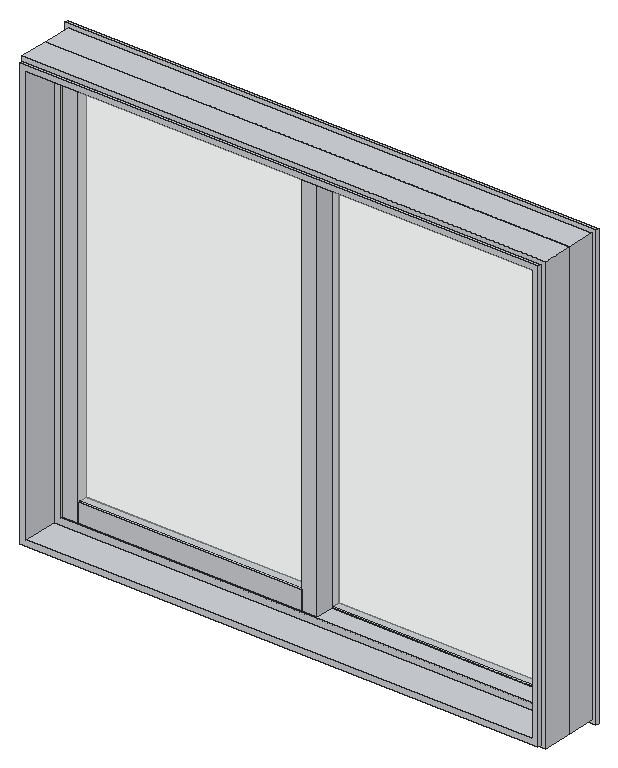
Revit family "APL Residential Thermal Heart Sliding Window SF", category Windows, host Wall, Revit 2017 (continued)
Definition of nested family "APL Residential Thermal Heart Sliding Window SF Horizontal Section"
  Definition of nested family "Glass"
    Lines and regions (mm)
      detail lines, in view "Ref. Level"
        curve 9: arc (24, -14.404, 0) -> (24.088, -14.594, 0) -> (24.289, -14.651, 0) r 0.25
        curve 10: arc (28.489, -13.997, 0) -> (28.647, -13.904, 0) -> (28.699, -13.728, 0) r 0.25
        curve 11: arc (27.5, -9.1, 0) -> (27.711, -8.984, 0) -> (27.727, -8.744, 0) r 0.25
        curve 12: arc (26.033, -5.114, 0) -> (25.642, -4.858, 0) -> (25.24, -5.095, 0) r 0.442
        curve 13: arc (24.864, -5.812, 0) -> (24.414, -6.357, 0) -> (24.052, -6.964, 0) r 4.62
        curve 14: arc (24.052, -6.964, 0) -> (24.013, -7.073, 0) -> (24, -7.187, 0) r 0.5
        curve 15: arc (24, -7.743, 0) -> (24.132, -7.931, 0) -> (24.353, -7.871, 0) r 0.2
        curve 16: arc (24.353, -7.871, 0) -> (24.514, -7.711, 0) -> (24.702, -7.581, 0) r 1.262
        curve 17: arc (24.702, -7.581, 0) -> (24.901, -7.583, 0) -> (25, -7.756, 0) r 0.2
        curve 18: arc (25, -8.353, 0) -> (24.962, -8.543, 0) -> (24.855, -8.705, 0) r 0.5
        curve 19: arc (24.855, -8.705, 0) -> (24.408, -9.237, 0) -> (24.051, -9.833, 0) r 4.3
        curve 20: arc (24.051, -9.833, 0) -> (24.013, -9.941, 0) -> (24, -10.054, 0) r 0.5
        curve 21: arc (24, -10.668, 0) -> (24.137, -10.858, 0) -> (24.361, -10.787, 0) r 0.2
        curve 22: arc (24.361, -10.787, 0) -> (24.512, -10.617, 0) -> (24.69, -10.476, 0) r 1.288
        curve 23: arc (24.69, -10.476, 0) -> (24.895, -10.467, 0) -> (25, -10.643, 0) r 0.2
        curve 24: line (24.92, -11.912, 0) -> (24.161, -12.614, 0)
        curve 25: line (24, -12.981, 0) -> (24, -14.404, 0)
        curve 26: line (24.289, -14.651, 0) -> (28.489, -13.997, 0)
        curve 27: line (28.699, -13.728, 0) -> (28.548, -12, 0)
        curve 28: line (28.548, -12, 0) -> (27, -12, 0)
        curve 29: line (27, -12, 0) -> (27, -9.1, 0)
        curve 30: line (27, -9.1, 0) -> (27.5, -9.1, 0)
        curve 31: line (27.727, -8.744, 0) -> (26.033, -5.114, 0)
        curve 32: line (25.24, -5.095, 0) -> (24.864, -5.812, 0)
        curve 33: line (24, -7.187, 0) -> (24, -7.743, 0)
        curve 34: line (25, -7.756, 0) -> (25, -8.353, 0)
        curve 35: line (24, -10.054, 0) -> (24, -10.668, 0)
        curve 36: line (25, -10.643, 0) -> (25, -11.728, 0)
        curve 87: arc (-0.25, -13, 0) -> (0, -12.75, 0) -> (-0.25, -12.5, 0) r 0.25
        curve 88: arc (-0.25, -9.45, 0) -> (0, -9.2, 0) -> (-0.25, -8.95, 0) r 0.25
        curve 89: arc (-0.25, -8.281, 0) -> (0, -8.031, 0) -> (-0.25, -7.781, 0) r 0.25
        curve 90: arc (-0.25, -7.113, 0) -> (0, -6.863, 0) -> (-0.25, -6.613, 0) r 0.25
        curve 91: line (-0.25, -5.444, 0) -> (-1, -5.444, 0)
        curve 92: line (-1, -5.444, 0) -> (-1, -9.45, 0)
        curve 93: line (-1, -9.45, 0) -> (-2.2, -9.45, 0)
        curve 94: line (-2.2, -9.45, 0) -> (-2.2, -8.7, 0)
        curve 95: line (-2.2, -8.7, 0) -> (-2.8, -8.7, 0)
        curve 96: line (-2.8, -8.7, 0) -> (-2.8, -11.8, 0)
        curve 97: line (-2.8, -11.8, 0) -> (-2.2, -11.8, 0)
        curve 98: line (-2.2, -11.8, 0) -> (-2.2, -11.05, 0)
        curve 99: line (-2.2, -11.05, 0) -> (-1, -11.05, 0)
        curve 100: line (-1, -11.05, 0) -> (-1, -13, 0)
        curve 101: line (-1, -13, 0) -> (-0.25, -13, 0)
        curve 102: line (-0.25, -12.5, 0) -> (-0.25, -9.45, 0)
        curve 103: line (-0.25, -8.95, 0) -> (-0.25, -8.281, 0)
        curve 104: line (-0.25, -7.781, 0) -> (-0.25, -7.113, 0)
        curve 105: line (-0.25, -6.613, 0) -> (-0.25, -5.944, 0)
        curve 106: arc (-0.25, -5.944, 0) -> (0, -5.694, 0) -> (-0.25, -5.444, 0) r 0.25
      detail lines, in view "Ref. Level", not visible
        curve 37: arc (-0.25, -4.9, 0) -> (0, -5.15, 0) -> (-0.25, -5.4, 0) r 0.25
        curve 38: arc (-0.25, -8.45, 0) -> (0, -8.7, 0) -> (-0.25, -8.95, 0) r 0.25
        curve 39: arc (-0.25, -9.619, 0) -> (0, -9.869, 0) -> (-0.25, -10.119, 0) r 0.25
        curve 40: arc (-0.25, -10.787, 0) -> (0, -11.037, 0) -> (-0.25, -11.287, 0) r 0.25
        curve 41: line (-0.25, -12.456, 0) -> (-1, -12.456, 0)
        curve 42: line (-1, -12.456, 0) -> (-1, -8.45, 0)
        curve 43: line (-1, -8.45, 0) -> (-2.2, -8.45, 0)
        curve 44: line (-2.2, -8.45, 0) -> (-2.2, -9.2, 0)
        curve 45: line (-2.2, -9.2, 0) -> (-2.8, -9.2, 0)
        curve 46: line (-2.8, -9.2, 0) -> (-2.8, -6.1, 0)
        curve 47: line (-2.8, -6.1, 0) -> (-2.2, -6.1, 0)
        curve 48: line (-2.2, -6.1, 0) -> (-2.2, -6.85, 0)
        curve 49: line (-2.2, -6.85, 0) -> (-1, -6.85, 0)
        curve 50: line (-1, -6.85, 0) -> (-1, -4.9, 0)
        curve 51: line (-1, -4.9, 0) -> (-0.25, -4.9, 0)
        curve 52: line (-0.25, -5.4, 0) -> (-0.25, -8.45, 0)
        curve 53: line (-0.25, -8.95, 0) -> (-0.25, -9.619, 0)
        curve 54: line (-0.25, -10.119, 0) -> (-0.25, -10.787, 0)
        curve 55: line (-0.25, -11.287, 0) -> (-0.25, -11.956, 0)
        curve 56: arc (-0.25, -11.956, 0) -> (0, -12.206, 0) -> (-0.25, -12.456, 0) r 0.25
        curve 57: arc (25, -10.728, 0) -> (24.979, -10.828, 0) -> (24.92, -10.912, 0) r 0.25
        curve 58: arc (24.161, -11.614, 0) -> (24.042, -11.78, 0) -> (24, -11.981, 0) r 0.5
        curve 59: arc (24, -13.404, 0) -> (24.088, -13.594, 0) -> (24.289, -13.651, 0) r 0.25
        curve 60: arc (28.489, -12.997, 0) -> (28.647, -12.904, 0) -> (28.699, -12.728, 0) r 0.25
        curve 61: arc (27.5, -8.1, 0) -> (27.711, -7.984, 0) -> (27.727, -7.744, 0) r 0.25
        curve 62: arc (26.033, -4.114, 0) -> (25.642, -3.858, 0) -> (25.24, -4.095, 0) r 0.442
        curve 63: arc (24.864, -4.812, 0) -> (24.414, -5.357, 0) -> (24.052, -5.964, 0) r 4.62
        curve 64: arc (24.052, -5.964, 0) -> (24.013, -6.073, 0) -> (24, -6.187, 0) r 0.5
        curve 65: arc (24, -6.743, 0) -> (24.132, -6.931, 0) -> (24.353, -6.871, 0) r 0.2
        curve 66: arc (24.353, -6.871, 0) -> (24.514, -6.711, 0) -> (24.702, -6.581, 0) r 1.262
        curve 67: arc (24.702, -6.581, 0) -> (24.901, -6.583, 0) -> (25, -6.756, 0) r 0.2
        curve 68: arc (25, -7.353, 0) -> (24.962, -7.543, 0) -> (24.855, -7.705, 0) r 0.5
        curve 69: arc (24.855, -7.705, 0) -> (24.408, -8.237, 0) -> (24.051, -8.833, 0) r 4.3
        curve 70: arc (24.051, -8.833, 0) -> (24.013, -8.941, 0) -> (24, -9.054, 0) r 0.5
        curve 71: arc (24, -9.668, 0) -> (24.137, -9.858, 0) -> (24.361, -9.787, 0) r 0.2
        curve 72: arc (24.361, -9.787, 0) -> (24.512, -9.617, 0) -> (24.69, -9.476, 0) r 1.288
        curve 73: arc (24.69, -9.476, 0) -> (24.895, -9.467, 0) -> (25, -9.643, 0) r 0.2
        curve 74: line (24.92, -10.912, 0) -> (24.161, -11.614, 0)
        curve 75: line (24, -11.981, 0) -> (24, -13.404, 0)
        curve 76: line (24.289, -13.651, 0) -> (28.489, -12.997, 0)
        curve 77: line (28.699, -12.728, 0) -> (28.548, -11, 0)
        curve 78: line (28.548, -11, 0) -> (27, -11, 0)
        curve 79: line (27, -11, 0) -> (27, -8.1, 0)
        curve 80: line (27, -8.1, 0) -> (27.5, -8.1, 0)
        curve 81: line (27.727, -7.744, 0) -> (26.033, -4.114, 0)
        curve 82: line (25.24, -4.095, 0) -> (24.864, -4.812, 0)
        curve 83: line (24, -6.187, 0) -> (24, -6.743, 0)
        curve 84: line (25, -6.756, 0) -> (25, -7.353, 0)
        curve 85: line (24, -9.054, 0) -> (24, -9.668, 0)
        curve 86: line (25, -9.643, 0) -> (25, -10.728, 0)
    Dimensions and locks
      "Glass Lenght": plane 1 "Center (Front/Back)" to plane 4
      aligned and locked: plane 4 to curve 2
      aligned and locked: plane 1 "Center (Front/Back)" to Filled region 1 sketch curve
      aligned and locked: Filled region 1 sketch curve to curve 6
      aligned and locked: Filled region 1 sketch curve to curve 1
      aligned and locked: Filled region 1 sketch curve to curve 5
    Automatic sketch dimensions
      plane 1 "Center (Front/Back)" to curve 2 = 0 mm
      curve 2 to plane 3 "Center (Left/Right)" = 0 mm
      curve 6 to plane 4 = 0 mm
      curve 5 to plane 4 = 0 mm
      curve 4 to plane 4 = 0 mm
      curve 5 to curve 3 = 4 mm
      curve 1 to curve 1 = 16 mm
      plane 1 "Center (Front/Back)" to curve 1 = 12 mm
      plane 3 "Center (Left/Right)" to curve 6 = 4 mm
Types (2, lengths in mm): name | Rough Width | Rough Height | Reveal Liner | Length | Height | Width | Architrave
  Liner | 1800 | 1500 | yes | 275 | 1485 | 1785 | no
  Architrave | 1615 | 1215 | no | 228.75 | 1200 | 1600 | yes
